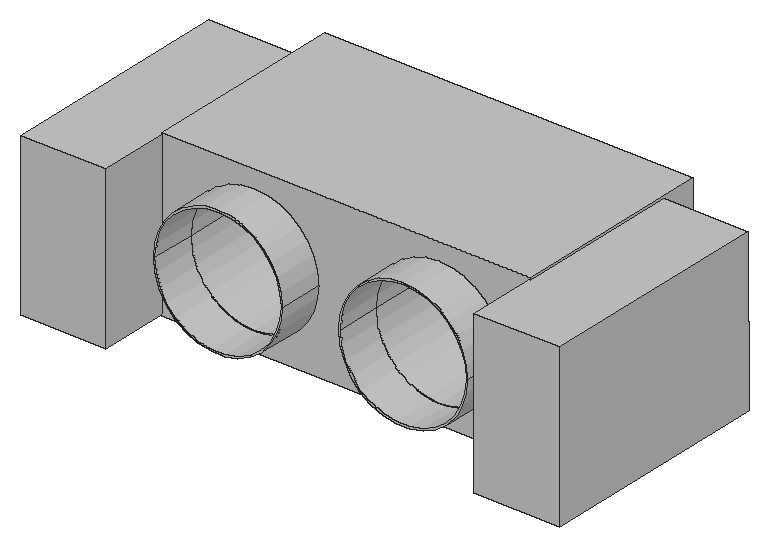
Revit family
Parameters
  Width = 2' - 4 1/8"
  Unit Weight = "52.0 lbs"
  URL = "http://www.titus-hvac.com/"
  UL = "181"
  SteriLoc Liner = Liner Option = 3  # no
  Outlet Width = Width  # 2' - 4 1/8"
  Outlet Height = Height  # 1' - 0 1/2"
  Nominal Width = Width + 1' 1"  # 3' - 5 1/8"
  Nominal Length = Length + Inlet Length  # 1' - 8 7/8"
  Nominal Inlet Size = 0' - 10"
  Nominal Height = 1' - 0 1/2"
  NFPA = "90A"
  Model = "DEDV"
  Min. Air Flow = 0 CFM
  Max. Air Flow = 1400 CFM
  Material = Steel
  Manufacturer = "Titus"
  Length = 1' - 3 1/2"
  Inlet Void Radius = Inlet Radius - 0' 0 1/8"  # 0' - 4 13/16"
  Inlet Radius = Inlet Diameter / 2  # 0' - 4 15/16"
  Inlet Offset = 1' - 2 1/8"
  Inlet Length = 0' - 5 3/8"
  Inlet Diameter = Nominal Inlet Size - 0' 0 1/8"  # 0' - 9 7/8"
  Height = 1' - 0 1/2"
  Heat Air Pressure Drop [instance] = 0.00 in-wg
  Heat Air Flow [instance] = 0 CFM
  Fiber Free Liner = Liner Option = 2  # no
  Duct Radius = Nominal Inlet Size / 2  # 0' - 5"
  Design Air Flow [instance] = 0 CFM
  Description = "Dual Duct Terminal Unit, Direct Digital Control, Pressure Independent, without Integral Mixer/Attenuator"
  Liner Option = 0
  Cool Air Pressure Drop [instance] = 0.00 in-wg
  Cool Air Flow [instance] = 0 CFM
  Control Box Offset = 0' - 3 3/8"
  CADworks URL = "www.CADworks.net"
  Assembly Code = "D3040100"
  1/2" Fiberglass Liner = Liner Option = 0  # yes
  1" Fiberglass Liner = Liner Option = 1  # no
Reference planes (in)
  plane 1 "Center (Front/Back)": y = 0
  plane 2: z = 0
  plane 3 "Center (Left/Right)": x = 0
  plane 4: y = 7.75
  plane 5: y = -7.75
  plane 6: x = 14.0625
  plane 7: x = -14.0625
  plane 8: z = 6.25
  plane 9: z = -6.25
  plane 10: y = -13.125
  plane 11: x = -7.0625
  plane 12: x = 7.0625
  plane 13: y = -11.125
  plane 14: x = 20.5625
  plane 15: x = -20.5625
Forms (in)
  Extrusion 1, solid, material "Steel" <- "Material"
    sketch origin (33, 0, -4) x (1, 0, 0) y (0, 1, 0)
      loop
        line (-47.0625, 7.75) -> (-47.0625, -7.75) -> (-18.9375, -7.75) -> (-18.9375, 7.75) -> (-47.0625, 7.75)
    from -2.25 to 10.25
  Extrusion 2, solid, material "Steel" <- "Material"
    sketch origin (4.46221, 44.62435, -28.76939) x (1, 0, 0) y (0, 0, 1)
      loop
        line (9.60029, 34.89439) -> (9.60029, 22.64439) -> (16.10029, 22.64439) -> (16.10029, 34.89439) -> (9.60029, 34.89439)
    from 39.74935 to 57.74935
  Extrusion 3, solid, material "Steel" <- "Material"
    sketch origin (13.94938, 6.875, -28.76939) x (-1, 0, 0) y (0, 0, -1)
      loop
        line (28.01188, -34.89439) -> (34.51188, -34.89439) -> (34.51188, -22.64439) -> (28.01188, -22.64439) -> (28.01188, -34.89439)
    from 2 to 20
  Extrusion 4, solid, material "Steel" <- "Material"
    sketch origin (8, -16.75, 0) x (1, 0, 0) y (0, 0, 1)
      loop
        circle (-15.0625, 0) r 4.9375
    from -9 to -5.625
  Extrusion 5, solid, material "Steel" <- "Material"
    sketch origin (10.125, -7.75, 0) x (1, 0, 0) y (0, 0, 1)
      loop
        circle (-3.0625, 0) r 4.9375
    from 0 to 3.375
  Extrusion 6, void
    sketch origin (0, 0, 0) x (1, 0, 0) y (0, 0, 1)
      loop
        circle (-7.0625, 0) r 4.8125
    from 1.125 to 11.125
  Extrusion 7, void
    sketch origin (0, 0, 0) x (1, 0, 0) y (0, 0, 1)
      loop
        circle (7.0625, 0) r 4.8125
    from 1.125 to 11.125
Cuts and joins
  Extrusion 6, Extrusion 7 cuts Extrusion 1
  Extrusion 6 cuts Extrusion 4
  Extrusion 7 cuts Extrusion 5
Dimensions and locks (in)
  "Height": plane 8 to plane 9
  equal spacing: plane 8, plane 2, plane 9
  "Width": plane 7 to plane 6
  equal spacing: plane 7, plane 3 "Center (Left/Right)", plane 6
  "Length": plane 4 to plane 5
  equal spacing: plane 4, plane 1 "Center (Front/Back)", plane 5
  locked: Extrusion 2 to Extrusion 2 at 18
  locked: Extrusion 2 sketch curve to Extrusion 2 sketch curve at 6.5
  locked: Extrusion 2 sketch curve to Extrusion 2 sketch curve at 12.25
  equal spacing: Extrusion 2 sketch curve, plane 2, Extrusion 2 sketch curve
  locked: Extrusion 3 to Extrusion 3 at 18
  locked: Extrusion 3 sketch curve to Extrusion 3 sketch curve at 6.5
  locked: Extrusion 3 sketch curve to Extrusion 3 sketch curve at 12.25
  equal spacing: Extrusion 3 sketch curve, plane 2, Extrusion 3 sketch curve
  "Inlet Length": plane 5 to plane 10
  "Inlet Offset": plane 12 to plane 11
  equal spacing: plane 12, plane 3 "Center (Left/Right)", plane 11
  "Control Box Offset": plane 5 to plane 13
  "Inlet Radius": plane 11 to cut or joined group of Extrusion 4, Extrusion 6
  "Inlet Radius": plane 12 to cut or joined group of Extrusion 5, Extrusion 7
  "Inlet Radius": radius of Extrusion 4 sketch curve
  "Inlet Radius": radius of Extrusion 5 sketch curve
  "Inlet Void Radius": radius of Extrusion 6 sketch curve
  "Inlet Void Radius": radius of Extrusion 7 sketch curve
  aligned and locked: plane 4 to Extrusion 1
  aligned and locked: plane 7 to Extrusion 1
  aligned and locked: plane 5 to Extrusion 1
  aligned and locked: plane 6 to Extrusion 1
  aligned and locked: plane 8 to Extrusion 1
  aligned and locked: plane 9 to Extrusion 1
  aligned and locked: plane 10 to Extrusion 2
  aligned and locked: plane 10 to Extrusion 3
  aligned and locked: plane 13 to Extrusion 4
  aligned and locked: plane 5 to Extrusion 4
  aligned and locked: plane 13 to Extrusion 5
  aligned and locked: plane 5 to Extrusion 5
  aligned and locked: Extrusion 6 to plane 13
  aligned and locked: plane 13 to cut or joined group of Extrusion 4, Extrusion 6
  aligned and locked: plane 13 to cut or joined group of Extrusion 5, Extrusion 7  (x2)
  aligned and locked: Extrusion 7 to plane 13
  aligned and locked: Extrusion 2 to cut or joined group of Extrusion 1, Extrusion 6, Extrusion 7
  aligned and locked: plane 6 to cut or joined group of Extrusion 1, Extrusion 6, Extrusion 7
  aligned and locked: Extrusion 3 to cut or joined group of Extrusion 1, Extrusion 6, Extrusion 7
  aligned and locked: cut or joined group of Extrusion 1, Extrusion 6, Extrusion 7 to plane 7
Automatic sketch dimensions
  Extrusion 1 sketch curve to plane 5 = 0' - 0"
  plane 7 to Extrusion 1 sketch curve = 0' - 0"
  plane 6 to Extrusion 1 sketch curve = 0' - 0"
  Extrusion 1 sketch curve to plane 4 = 0' - 0"
  plane 6 to Extrusion 2 sketch curve = 0' - 0"
  Extrusion 3 sketch curve to plane 7 = 0' - 0"
  Extrusion 4 sketch curve to level = 0' - 0"
  Extrusion 4 sketch curve to plane 11 = 0' - 0"
  Extrusion 5 sketch curve to level = 0' - 0"
  Extrusion 5 sketch curve to plane 12 = 0' - 0"
  Extrusion 6 sketch curve to level = 0' - 0"
  Extrusion 6 sketch curve to plane 11 = 0' - 0"
  Extrusion 7 sketch curve to level = 0' - 0"
  Extrusion 7 sketch curve to plane 12 = 0' - 0"
Connectors (in)
  hvac at (-7.0625, -11.125, 0), driven by "Duct Radius", driven by "Heat Air Pressure Drop", driven by "Heat Air Flow"
    settings: on cut or joined group of Extrusion 4, Extrusion 6, index 1
  hvac at (7.0625, -11.125, 0), driven by "Duct Radius", driven by "Cool Air Pressure Drop", driven by "Cool Air Flow"
    settings: on cut or joined group of Extrusion 5, Extrusion 7, index 2
  hvac at (0, 7.75, 0), driven by "Outlet Height", driven by "Outlet Width", driven by "Design Air Flow"
    settings: on cut or joined group of Extrusion 1, Extrusion 6, Extrusion 7, index 3
